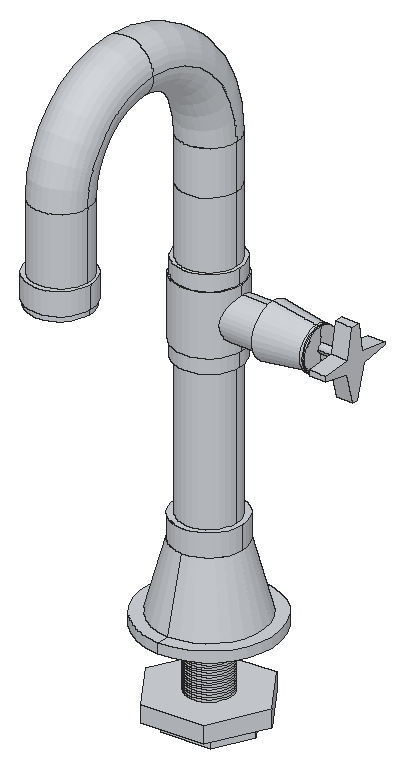
Revit family "LF109S", category Aparatos sanitarios, Revit 2014
Parameters (values of type "LF109S")
  Conexión de residuos = no
  Conexión de ventilación = no
  URL = "http://www.yepsketch.com"
  Type Comments = ""
  Modelo = "LF109S"  # constant formula
  Fabricante = "Enware"  # constant formula
  HWFU = 0
  Conexión AC = no
  Elevación por defecto = 1200 mm
  CWFU = 0.5
  Conexión AF = yes
  Author = "Yepsketch"  # constant formula
  Código de montaje = "D2010310"
Types (3, lengths in mm): name | Type Comments | HWFU | Conexión AC | Conexión AF | Código de montaje
  (no name) | "" | 0 | no | yes | "D2010310"
  ATM606 | "SQX" | 0.5 | yes | no | "D2010400"
  LF109S | "" | 0 | no | yes | "D2010310"
Reference planes
  plane 1 "Center (Front/Back)": y = 0
  plane 2: z = 0
  plane 3 "Center (Left/Right)": x = 0
Forms (mm)
  Sweep 1, solid
    path origin (0, 0, -85) x (0, 1, 0) y (0, 0, 1)
      loop
        line (0, 240) -> (0, 285)
    profile origin (0, 0, 177.5) x (0, -1, 0) y (1, 0, 0)
      loop
        circle (0, 0) r 18.5
  Sweep 2, solid
    path origin (0, 0, -85) x (0, 1, 0) y (0, 0, 1)
      loop
        line (0, 230) -> (0, 240)
    profile origin (0, 0, 150) x (0, -1, 0) y (1, 0, 0)
      loop
        circle (0, 0) r 21
  Sweep 3, solid
    path origin (0, 74.748, -119.935) x (0, 1, 0) y (0, 0, 1)
      loop
        line (-197.347, 319.907) -> (-197.347, 304.907)
    profile origin (0, -122.599, 192.472) x (1, 0, 0) y (0, 1, 0)
      loop
        circle (0, -2.901) r 21
  Sweep 4, solid
    path origin (0, 74.643, -134.935) x (0, 1, 0) y (0, 0, 1)
      loop
        line (-197.347, 319.907) -> (-197.347, 316.38)
    profile origin (0, -122.704, 183.208) x (1, 0, 0) y (0, 1, 0)
      loop
        circle (0, -2.901) r 20
  Sweep 5, solid
    path origin (0, 0, -95) x (0, 1, 0) y (0, 0, 1)
      loop
        line (0, 200) -> (0, 240)
    profile origin (0, 0, 125) x (0, -1, 0) y (1, 0, 0)
      loop
        circle (0, 0) r 22
  Sweep 6, solid
    path origin (0, 0, -135) x (0, 1, 0) y (0, 0, 1)
      loop
        line (0, 230) -> (0, 240)
    profile origin (0, 0, 100) x (0, -1, 0) y (1, 0, 0)
      loop
        circle (0, 0) r 21
  Sweep 7, solid
    path origin (0, 0, -144.672) x (0, 1, 0) y (0, 0, 1)
      loop
        line (0, 144.672) -> (0, 239.672)
    profile origin (0, 0, 47.5) x (0, -1, 0) y (1, 0, 0)
      loop
        circle (0, 0) r 18.5
  Sweep 8, solid
    path origin (0, 0, -240) x (0, 1, 0) y (0, 0, 1)
      loop
        line (0, 225) -> (0, 240)
    profile origin (0, 0, -7.5) x (0, -1, 0) y (1, 0, 0)
      loop
        circle (0, 0) r 22.5
  Revolve 9, solid
    sketch origin (0, 0, 0) x (0, 1, 0) y (0, 0, 1)
      loop
        line (22.5, -15) -> (0, -15) -> (0, -60) -> (34.558, -60) -> (22.5, -15)
      axis (0, -15) -> (0, -60)
    angle from 0 to 360
  Revolve 10, solid
    sketch origin (0, 0, 0) x (0, 1, 0) y (0, 0, 1)
      loop
        line (0, -60) -> (0, -66.758) -> (42.784, -66.758) -> (42.784, -60) -> (0, -60)
      axis (0, -60) -> (0, -66.758)
    angle from 0 to 360
  Revolve 11, solid
    sketch origin (0, 0, 0) x (0, 1, 0) y (0, 0, 1)
      loop
        line (0, -66.758) -> (0, -68.229) -> (14.444, -68.229) -> (14.444, -66.758) -> (0, -66.758)
      axis (0, -66.758) -> (0, -68.229)
    angle from 0 to 360
  Extrusion 12, solid
    sketch origin (-50, 0, 0) x (1, 0, 0) y (0, 1, 0)
      loop
        line (33.136, -36.165) -> (72.888, -32.687) -> (89.752, 3.478) -> (66.864, 36.165) -> (27.112, 32.687) -> (10.248, -3.478) -> (33.136, -36.165)
    from -117.456 to -106.463
  Revolve 13, solid
    sketch origin (0, 0, 0) x (0, 1, 0) y (0, 0, 1)
      loop
        line (0, -117.456) -> (0, -118.551) -> (26.865, -118.551) -> (26.865, -117.456) -> (0, -117.456)
      axis (0, -117.456) -> (0, -118.551)
    angle from 0 to 360
  Revolve 14, solid
    sketch origin (0, 0, -1.095) x (0, 1, 0) y (0, 0, 1)
      loop
        line (0, -117.456) -> (0, -118.551) -> (26.865, -118.551) -> (26.865, -117.456) -> (0, -117.456)
      axis (0, -117.456) -> (0, -118.551)
    angle from 0 to 360
  Extrusion 15, solid
    sketch origin (-50, 0, 0) x (1, 0, 0) y (0, 1, 0)
      loop
        line (36.809, -23.977) -> (68.171, -21.233) -> (79.266, 2.56) -> (64.521, 23.62) -> (34.97, 21.034) -> (23.106, -4.407) -> (36.809, -23.977)
    from -126.863 to -119.647
  Revolve 16, solid
    sketch origin (-50, 0.374, -85) x (0, 0, 1) y (-1, 0, 0)
      loop
        line (209.803, -67.771) -> (209.803, -92.771) -> (223.856, -92.771) -> (223.856, -67.771) -> (209.803, -67.771)
      axis (209.803, -67.771) -> (209.803, -92.771)
    angle from 0 to 360
  Revolve 17, solid
    sketch origin (-50, 0.374, -85) x (0, 0, 1) y (-1, 0, 0)
      loop
        line (209.803, -92.771) -> (209.803, -122.771) -> (223.115, -122.771) -> (227.332, -92.771) -> (209.803, -92.771)
      axis (209.803, -92.771) -> (209.803, -122.771)
    angle from 0 to 360
  Revolve 18, solid
    sketch origin (-50, -0.313, -85) x (0, 0, 1) y (-1, 0, 0)
      loop
        line (209.803, -122.771) -> (209.803, -124.34) -> (223.803, -124.34) -> (223.803, -122.771) -> (209.803, -122.771)
      axis (209.803, -122.771) -> (209.803, -124.34)
    angle from 0 to 360
  Revolve 19, solid
    sketch origin (-48.431, -0.313, -85) x (0, 0, 1) y (-1, 0, 0)
      loop
        line (209.803, -122.771) -> (209.803, -124.34) -> (223.803, -124.34) -> (223.803, -122.771) -> (209.803, -122.771)
      axis (209.803, -122.771) -> (209.803, -124.34)
    angle from 0 to 360
  Extrusion 20, solid
    sketch origin (89.731, 406.558, -83.251) x (0, 1, 0) y (0, 0, 1)
      loop
        line (-400.977, 213.143) -> (-404.089, 230.791) -> (-409.519, 230.791) -> (-412.801, 212.173) -> (-431.521, 210.864) -> (-431.521, 207.277) -> (-413.58, 203.709) -> (-408.439, 184.524) -> (-405.148, 184.524) -> (-399.447, 204.962) -> (-382.082, 208.024) -> (-382.082, 209.811) -> (-400.977, 213.143)
    from -2 to 9
  Extrusion 21, solid
    sketch origin (77.91, 0, -84.194) x (0, 1, 0) y (0, 0, 1)
      loop
        circle (-0.592, 210.486) r 2.862
    from -2 to 9.852
  Sweep 22, solid
    path origin (0, 0, 55) x (0, 1, 0) y (0, 0, 1)
      loop
        line (0, 145) -> (0, 175)
        arc (0, 175) -> (-20.503, 224.497) -> (-70, 245) r 70
        arc (-70, 245) -> (-108.891, 228.891) -> (-125, 190) r 55
        line (-125, 190) -> (-125, 145)
    profile origin (0, 0, 215) x (0, -1, 0) y (1, 0, 0)
      loop
        circle (0, 0) r 18.5
  Revolve 23, solid
    sketch origin (0, 0, -1.471) x (0, 1, 0) y (0, 0, 1)
      loop
        line (0, -66.758) -> (0, -68.229) -> (14.444, -68.229) -> (14.444, -66.758) -> (0, -66.758)
      axis (0, -66.758) -> (0, -68.229)
    angle from 0 to 360
  Revolve 24, solid
    sketch origin (0, 0, -2.941) x (0, 1, 0) y (0, 0, 1)
      loop
        line (0, -66.758) -> (0, -68.229) -> (14.444, -68.229) -> (14.444, -66.758) -> (0, -66.758)
      axis (0, -66.758) -> (0, -68.229)
    angle from 0 to 360
  Revolve 25, solid
    sketch origin (0, 0, -4.412) x (0, 1, 0) y (0, 0, 1)
      loop
        line (0, -66.758) -> (0, -68.229) -> (14.444, -68.229) -> (14.444, -66.758) -> (0, -66.758)
      axis (0, -66.758) -> (0, -68.229)
    angle from 0 to 360
  Revolve 26, solid
    sketch origin (0, 0, -5.882) x (0, 1, 0) y (0, 0, 1)
      loop
        line (0, -66.758) -> (0, -68.229) -> (14.444, -68.229) -> (14.444, -66.758) -> (0, -66.758)
      axis (0, -66.758) -> (0, -68.229)
    angle from 0 to 360
  Revolve 27, solid
    sketch origin (0, 0, -7.353) x (0, 1, 0) y (0, 0, 1)
      loop
        line (0, -66.758) -> (0, -68.229) -> (14.444, -68.229) -> (14.444, -66.758) -> (0, -66.758)
      axis (0, -66.758) -> (0, -68.229)
    angle from 0 to 360
  Revolve 28, solid
    sketch origin (0, 0, -8.823) x (0, 1, 0) y (0, 0, 1)
      loop
        line (0, -66.758) -> (0, -68.229) -> (14.444, -68.229) -> (14.444, -66.758) -> (0, -66.758)
      axis (0, -66.758) -> (0, -68.229)
    angle from 0 to 360
  Revolve 29, solid
    sketch origin (0, 0, -10.294) x (0, 1, 0) y (0, 0, 1)
      loop
        line (0, -66.758) -> (0, -68.229) -> (14.444, -68.229) -> (14.444, -66.758) -> (0, -66.758)
      axis (0, -66.758) -> (0, -68.229)
    angle from 0 to 360
  Revolve 30, solid
    sketch origin (0, 0, -11.764) x (0, 1, 0) y (0, 0, 1)
      loop
        line (0, -66.758) -> (0, -68.229) -> (14.444, -68.229) -> (14.444, -66.758) -> (0, -66.758)
      axis (0, -66.758) -> (0, -68.229)
    angle from 0 to 360
  Revolve 31, solid
    sketch origin (0, 0, -13.235) x (0, 1, 0) y (0, 0, 1)
      loop
        line (0, -66.758) -> (0, -68.229) -> (14.444, -68.229) -> (14.444, -66.758) -> (0, -66.758)
      axis (0, -66.758) -> (0, -68.229)
    angle from 0 to 360
  Revolve 32, solid
    sketch origin (0, 0, -14.706) x (0, 1, 0) y (0, 0, 1)
      loop
        line (0, -66.758) -> (0, -68.229) -> (14.444, -68.229) -> (14.444, -66.758) -> (0, -66.758)
      axis (0, -66.758) -> (0, -68.229)
    angle from 0 to 360
  Revolve 33, solid
    sketch origin (0, 0, -16.176) x (0, 1, 0) y (0, 0, 1)
      loop
        line (0, -66.758) -> (0, -68.229) -> (14.444, -68.229) -> (14.444, -66.758) -> (0, -66.758)
      axis (0, -66.758) -> (0, -68.229)
    angle from 0 to 360
  Revolve 34, solid
    sketch origin (0, 0, -17.647) x (0, 1, 0) y (0, 0, 1)
      loop
        line (0, -66.758) -> (0, -68.229) -> (14.444, -68.229) -> (14.444, -66.758) -> (0, -66.758)
      axis (0, -66.758) -> (0, -68.229)
    angle from 0 to 360
  Revolve 35, solid
    sketch origin (0, 0, -19.117) x (0, 1, 0) y (0, 0, 1)
      loop
        line (0, -66.758) -> (0, -68.229) -> (14.444, -68.229) -> (14.444, -66.758) -> (0, -66.758)
      axis (0, -66.758) -> (0, -68.229)
    angle from 0 to 360
  Revolve 36, solid
    sketch origin (0, 0, -20.588) x (0, 1, 0) y (0, 0, 1)
      loop
        line (0, -66.758) -> (0, -68.229) -> (14.444, -68.229) -> (14.444, -66.758) -> (0, -66.758)
      axis (0, -66.758) -> (0, -68.229)
    angle from 0 to 360
  Revolve 37, solid
    sketch origin (0, 0, -22.058) x (0, 1, 0) y (0, 0, 1)
      loop
        line (0, -66.758) -> (0, -68.229) -> (14.444, -68.229) -> (14.444, -66.758) -> (0, -66.758)
      axis (0, -66.758) -> (0, -68.229)
    angle from 0 to 360
  Revolve 38, solid
    sketch origin (0, 0, -23.529) x (0, 1, 0) y (0, 0, 1)
      loop
        line (0, -66.758) -> (0, -68.229) -> (14.444, -68.229) -> (14.444, -66.758) -> (0, -66.758)
      axis (0, -66.758) -> (0, -68.229)
    angle from 0 to 360
  Revolve 39, solid
    sketch origin (0, 0, -25) x (0, 1, 0) y (0, 0, 1)
      loop
        line (0, -66.758) -> (0, -68.229) -> (14.444, -68.229) -> (14.444, -66.758) -> (0, -66.758)
      axis (0, -66.758) -> (0, -68.229)
    angle from 0 to 360
  Revolve 40, solid
    sketch origin (0, 0, -26.47) x (0, 1, 0) y (0, 0, 1)
      loop
        line (0, -66.758) -> (0, -68.229) -> (14.444, -68.229) -> (14.444, -66.758) -> (0, -66.758)
      axis (0, -66.758) -> (0, -68.229)
    angle from 0 to 360
  Revolve 41, solid
    sketch origin (0, 0, -27.941) x (0, 1, 0) y (0, 0, 1)
      loop
        line (0, -66.758) -> (0, -68.229) -> (14.444, -68.229) -> (14.444, -66.758) -> (0, -66.758)
      axis (0, -66.758) -> (0, -68.229)
    angle from 0 to 360
  Revolve 42, solid
    sketch origin (0, 0, -29.411) x (0, 1, 0) y (0, 0, 1)
      loop
        line (0, -66.758) -> (0, -68.229) -> (14.444, -68.229) -> (14.444, -66.758) -> (0, -66.758)
      axis (0, -66.758) -> (0, -68.229)
    angle from 0 to 360
  Revolve 43, solid
    sketch origin (0, 0, -30.882) x (0, 1, 0) y (0, 0, 1)
      loop
        line (0, -66.758) -> (0, -68.229) -> (14.444, -68.229) -> (14.444, -66.758) -> (0, -66.758)
      axis (0, -66.758) -> (0, -68.229)
    angle from 0 to 360
  Revolve 44, solid
    sketch origin (0, 0, -32.352) x (0, 1, 0) y (0, 0, 1)
      loop
        line (0, -66.758) -> (0, -68.229) -> (14.444, -68.229) -> (14.444, -66.758) -> (0, -66.758)
      axis (0, -66.758) -> (0, -68.229)
    angle from 0 to 360
  Revolve 45, solid
    sketch origin (0, 0, -33.823) x (0, 1, 0) y (0, 0, 1)
      loop
        line (0, -66.758) -> (0, -68.229) -> (14.444, -68.229) -> (14.444, -66.758) -> (0, -66.758)
      axis (0, -66.758) -> (0, -68.229)
    angle from 0 to 360
  Revolve 46, solid
    sketch origin (0, 0, -35.293) x (0, 1, 0) y (0, 0, 1)
      loop
        line (0, -66.758) -> (0, -68.229) -> (14.444, -68.229) -> (14.444, -66.758) -> (0, -66.758)
      axis (0, -66.758) -> (0, -68.229)
    angle from 0 to 360
  Revolve 47, solid
    sketch origin (0, 0, -36.764) x (0, 1, 0) y (0, 0, 1)
      loop
        line (0, -66.758) -> (0, -68.229) -> (14.444, -68.229) -> (14.444, -66.758) -> (0, -66.758)
      axis (0, -66.758) -> (0, -68.229)
    angle from 0 to 360
  Revolve 48, solid
    sketch origin (0, 0, -38.235) x (0, 1, 0) y (0, 0, 1)
      loop
        line (0, -66.758) -> (0, -68.229) -> (14.444, -68.229) -> (14.444, -66.758) -> (0, -66.758)
      axis (0, -66.758) -> (0, -68.229)
    angle from 0 to 360
Dimensions and locks
  aligned and locked: level to plane 2
Connectors
  piping at (1.141, -0.4, -126.863), diameter 12.7
    settings: on Extrusion 15, index 1, connector inside diameter 609.6 mm, connector length 0 mm, flow factor 0, pipe flow 0.0 L/s, pressure drop 0.0 Pa, fitting loss kfactor 0, connector angle 0.00°, fixture units 0, engagement length 0 mm, angle of deflection 0.00°, flow configuration 0, flow direction 0, fitting loss method 0, system type 7, joint type 0, gender type 0, connector reference index -1, connector utility 0, adjustable connector no, is connector primary yes, connector description ""
